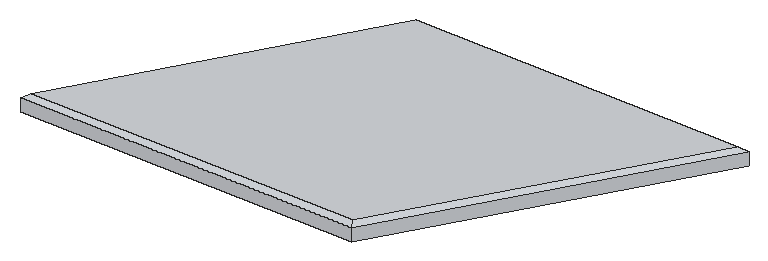
Revit family "J2 PET Felt Parallelogram Tile", category Generic Models, host Face, Revit 2022
Family settings
  Host = Face
  Can host rebar = No
  Round Connector Dimension = Use Diameter
  Part Type = Normal
  Cut with Voids When Loaded = No
  Maintain Annotation Orientation = No
  Shared = No
  Room Calculation Point = No
Parameters
  URL = "https://www.j2systems.net/"
  Symbol Name = "FTPR12"  # constant formula
  Style Number = "FTPR12"  # constant formula
  Release Date = "2019"  # constant formula
  Product Line = "Tile"  # constant formula
  Model = "Parallelogram"  # constant formula
  Manufacturer = "J2 Systems"  # constant formula
  Felt color = none
  Default Elevation = 4' - 0"
  Beveled edges = yes
Reference planes (in)
  plane 1 "Center (Front/Back)": y = 0
  plane 2: z = 0
  plane 3 "Center (Left/Right)": x = 0
Forms (in)
  Extrusion 1, solid, material <- "Felt color"
    sketch origin (0, 0, 0) x (1, 0, 0) y (0, 1, 0)
      loop
        line (0, 0) -> (10, 0) -> (15, 8.66025) -> (5, 8.66025) -> (0, 0)
    from 0 to 0.5
  Sweep 2, void
    path origin (0, 0, 0) x (1, 0, 0) y (0, 1, 0)
      loop
        line (0, 0) -> (10, 0) -> (15, 8.66025) -> (5, 8.66025) -> (0, 0)
    profile origin (5, 0, 0) x (0, 1, 0) y (0, 0, 1)
      loop
        line (0, 0.5) -> (0, 0.375) -> (0.125, 0.5) -> (0, 0.5)
Cuts and joins
  Sweep 2 cuts Extrusion 1
Dimensions and locks (in)
  aligned and locked: plane 2 to host face
  aligned and locked: level to host face
